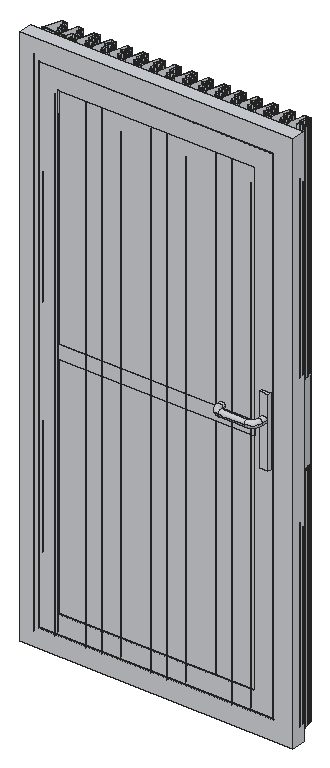
Revit family "NLRS_31_DO_WB_VS50 enkele deur-AV_jazo_jazo", category Doors, host Wall, Revit 2020 (continued)
Definition of nested family "NLRS_31_GM_UN_VS50 start schoep-AV"
  Automatic sketch dimensions
    Extrusion 1 sketch curve to Extrusion 1 sketch curve = 0.311 mm  (x2)
    Extrusion 1 sketch curve to Extrusion 1 sketch curve = 0.597 mm  (x4)
    Extrusion 1 sketch curve to Extrusion 1 sketch curve = 0.028 mm  (x4)
    Extrusion 1 sketch curve to Extrusion 1 sketch curve = 7.94 mm  (x3)
    Extrusion 1 sketch curve to Extrusion 1 sketch curve = 0.259 mm  (x6)
    Extrusion 1 sketch curve to Extrusion 1 sketch curve = 0.906 mm  (x2)
    Extrusion 1 sketch curve to Extrusion 1 sketch curve = 8.537 mm
    Extrusion 1 sketch curve to Extrusion 1 sketch curve = 1.495 mm
    Extrusion 1 sketch curve to Extrusion 1 sketch curve = 0.432 mm  (x2)
    Extrusion 1 sketch curve to Extrusion 1 sketch curve = 0.52 mm  (x5)
    Extrusion 1 sketch curve to Extrusion 1 sketch curve = 0.512 mm  (x4)
    Extrusion 1 sketch curve to Extrusion 1 sketch curve = 2.059 mm  (x4)
    Extrusion 1 sketch curve to Extrusion 1 sketch curve = 1.151 mm  (x5)
    Extrusion 1 sketch curve to Extrusion 1 sketch curve = 7.648 mm
    Extrusion 1 sketch curve to Extrusion 1 sketch curve = 1.853 mm
    Extrusion 1 sketch curve to Extrusion 1 sketch curve = 0.384 mm  (x4)
    Extrusion 1 sketch curve to Extrusion 1 sketch curve = 1.049 mm
    Extrusion 1 sketch curve to Extrusion 1 sketch curve = 0.165 mm  (x3)
    Extrusion 1 sketch curve to Extrusion 1 sketch curve = 6.946 mm
    Extrusion 1 sketch curve to Extrusion 1 sketch curve = 1.128 mm
    Extrusion 1 sketch curve to Extrusion 1 sketch curve = 4.576 mm
    Extrusion 1 sketch curve to Extrusion 1 sketch curve = 0.103 mm
    Extrusion 1 sketch curve to Extrusion 1 sketch curve = 1.709 mm
    Extrusion 1 sketch curve to Extrusion 1 sketch curve = 0.385 mm  (x2)
    Extrusion 1 sketch curve to Extrusion 1 sketch curve = 21.809 mm
    Extrusion 1 sketch curve to Extrusion 1 sketch curve = 1.554 mm
    Extrusion 1 sketch curve to Extrusion 1 sketch curve = 5.653 mm
    Extrusion 1 sketch curve to Extrusion 1 sketch curve = 7.842 mm
    Extrusion 1 sketch curve to Extrusion 1 sketch curve = 3.2 mm
    Extrusion 1 sketch curve to Extrusion 1 sketch curve = 1.31 mm
    Extrusion 1 sketch curve to Extrusion 1 sketch curve = 0.551 mm
    Extrusion 1 sketch curve to Extrusion 1 sketch curve = 1.106 mm
    Extrusion 1 sketch curve to Extrusion 1 sketch curve = 2.043 mm
    Extrusion 1 sketch curve to Extrusion 1 sketch curve = 2.182 mm  (x2)
    Extrusion 1 sketch curve to Extrusion 1 sketch curve = 3.488 mm
    Extrusion 1 sketch curve to Extrusion 1 sketch curve = 0.168 mm
    Extrusion 1 sketch curve to Extrusion 1 sketch curve = 1.322 mm  (x4)
    Extrusion 1 sketch curve to Extrusion 1 sketch curve = 0.167 mm  (x4)
    Extrusion 1 sketch curve to Extrusion 1 sketch curve = 1.76 mm
    Extrusion 1 sketch curve to Extrusion 1 sketch curve = 7.483 mm
    Extrusion 1 sketch curve to Extrusion 1 sketch curve = 2.181 mm  (x2)
    Extrusion 1 sketch curve to Extrusion 1 sketch curve = 0.292 mm
    Extrusion 1 sketch curve to Extrusion 1 sketch curve = 7.531 mm  (x2)
    Extrusion 1 sketch curve to Extrusion 1 sketch curve = 0.078 mm
    Extrusion 1 sketch curve to Extrusion 1 sketch curve = 0.233 mm  (x2)
    Extrusion 1 sketch curve to Extrusion 1 sketch curve = 17.677 mm  (x2)
    Extrusion 1 sketch curve to Extrusion 1 sketch curve = 40.654 mm
    Extrusion 1 sketch curve to Extrusion 1 sketch curve = 1.738 mm
    Extrusion 1 sketch curve to Extrusion 1 sketch curve = 0.445 mm
    Extrusion 1 sketch curve to Extrusion 1 sketch curve = 0.108 mm
    Extrusion 1 sketch curve to Extrusion 1 sketch curve = 0.261 mm  (x2)
    Extrusion 1 sketch curve to Extrusion 1 sketch curve = 0.001 mm
    Extrusion 1 sketch curve to plane 3 "Center (Left/Right)" = 56.627 mm
Definition of nested family "NLRS_31_GM_UN_VS50 schoep-AV"
  Parameters (values of type "VS50 schoep")
    URL = "www.jazo.com"
    NLRS_C_zichtbaar_01 = yes
    NLRS_C_stelruimte_02 = 15 mm
    NLRS_C_stelruimte_01 = 4 mm  # constant formula
    NLRS_C_materiaal = none
    NLRS_C_hoogte [instance] = 800 mm
    Model = ""
    Manufacturer = "JAZO Zevenaar bv"
    Description = "VS50 schoep"
    Default Elevation = 0 mm
    Assembly Code = "23.30.60.11.17.11"
  Reference planes
    plane 1 "Center (Front/Back)": y = 0
    plane 2 "Bottom": z = 0
    plane 3 "Center (Left/Right)": x = 0
    plane 4 "Top": z = 800
    plane 5 "onderkant schoep": y = -35.75
    plane 6 "scharnier d": y = 35.75
    plane 7 "voorkant kozijn": y = -46.75
    plane 8 "Right": x = 36.938
    plane 9 "Left": x = -36.938
    plane 10 "stelruimte b": z = 796
    plane 11 "stelruimte o": z = 15
    plane 12 "Center (Elevation)": z = 400
  Forms (mm)
    Extrusion 1, solid, material <- "NLRS_C_materiaal", visible <- "NLRS_C_zichtbaar_01"
      sketch origin (-234.655, 192.733, 0) x (0, -1, 0) y (1, 0, 0)
        loop
          line (200.925, 199.864) -> (209.054, 197.685)
          arc (209.054, 197.685) -> (210.156, 198.322) -> (209.52, 199.424) r 0.9
          line (209.52, 199.424) -> (201.983, 201.443) -> (201.983, 217.481) -> (209.52, 219.5)
          arc (209.52, 219.5) -> (210.156, 220.603) -> (209.054, 221.239) r 0.9
          line (209.054, 221.239) -> (194.057, 217.221)
          arc (194.057, 217.221) -> (193.421, 216.118) -> (194.523, 215.482) r 0.9
          line (194.523, 215.482) -> (199.554, 216.83)
          arc (199.554, 216.83) -> (199.988, 216.744) -> (200.183, 216.347) r 0.5
          line (200.183, 216.347) -> (200.183, 200.83)
          arc (200.183, 200.83) -> (200.39, 200.221) -> (200.925, 199.864) r 1
        loop
          line (179.325, 205.632) -> (187.454, 203.454)
          arc (187.454, 203.454) -> (188.556, 204.09) -> (187.92, 205.192) r 0.9
          line (187.92, 205.192) -> (180.383, 207.212) -> (180.383, 223.249) -> (187.92, 225.269)
          arc (187.92, 225.269) -> (188.556, 226.371) -> (187.454, 227.007) r 0.9
          line (187.454, 227.007) -> (172.457, 222.989)
          arc (172.457, 222.989) -> (171.821, 221.887) -> (172.923, 221.25) r 0.9
          line (172.923, 221.25) -> (177.954, 222.598)
          arc (177.954, 222.598) -> (178.388, 222.512) -> (178.583, 222.115) r 0.5
          line (178.583, 222.115) -> (178.583, 206.598)
          arc (178.583, 206.598) -> (178.79, 205.989) -> (179.325, 205.632) r 1
        loop
          line (157.725, 211.439) -> (165.854, 209.261)
          arc (165.854, 209.261) -> (166.956, 209.897) -> (166.32, 210.999) r 0.9
          line (166.32, 210.999) -> (158.783, 213.019) -> (158.783, 220.738) -> (160.783, 220.738)
          arc (160.783, 220.738) -> (161.683, 221.638) -> (160.783, 222.538) r 0.9
          line (160.783, 222.538) -> (158.783, 222.538) -> (158.783, 230.256) -> (221.679, 247.109) -> (221.679, 246.319)
          arc (221.679, 246.319) -> (222.581, 245.623) -> (223.483, 246.319) r 0.933
          line (223.483, 246.319) -> (223.483, 257.823) -> (226.683, 257.823) -> (226.683, 254.623) -> (228.483, 254.623) -> (228.483, 259.623) -> (223.483, 259.623) -> (223.483, 270.627)
          arc (223.483, 270.627) -> (223.092, 271.42) -> (222.225, 271.592) r 1
          line (222.225, 271.592) -> (215.347, 269.75)
          arc (215.347, 269.75) -> (214.71, 268.647) -> (215.813, 268.011) r 0.9
          line (215.813, 268.011) -> (221.054, 269.415)
          arc (221.054, 269.415) -> (221.488, 269.329) -> (221.683, 268.932) r 0.5
          line (221.683, 268.932) -> (221.683, 248.974) -> (157.725, 231.836)
          arc (157.725, 231.836) -> (157.19, 231.479) -> (156.983, 230.87) r 1
          line (156.983, 230.87) -> (156.983, 212.405)
          arc (156.983, 212.405) -> (157.19, 211.796) -> (157.725, 211.439) r 1
      from 15 to 796
  Dimensions and locks
    equal spacing: plane 5 "onderkant schoep", plane 1 "Center (Front/Back)", plane 6 "scharnier d"
    locked: plane 5 "onderkant schoep" to plane 6 "scharnier d" at 71.5
    locked: plane 7 "voorkant kozijn" to plane 5 "onderkant schoep" at 11
    equal spacing: plane 9 "Left", plane 3 "Center (Left/Right)", plane 8 "Right"
    locked: plane 9 "Left" to plane 8 "Right" at 73.876
    "NLRS_C_stelruimte_02": plane 11 "stelruimte o" to plane 2 "Bottom"
    "NLRS_C_stelruimte_01": plane 4 "Top" to plane 10 "stelruimte b"
    equal spacing: plane 4 "Top", plane 12 "Center (Elevation)", plane 2 "Bottom"
    "NLRS_C_hoogte": plane 4 "Top" to plane 2 "Bottom"
    aligned and locked: level to plane 2 "Bottom"
    aligned and locked: plane 10 "stelruimte b" to Extrusion 1
    aligned and locked: Extrusion 1 to plane 11 "stelruimte o"
  Automatic sketch dimensions
    Extrusion 1 sketch curve to plane 6 "scharnier d" = 0 mm
    plane 5 "onderkant schoep" to Extrusion 1 sketch curve = 0 mm
    Extrusion 1 sketch curve to plane 6 "scharnier d" = 0.741 mm  (x2)
    Extrusion 1 sketch curve to Extrusion 1 sketch curve = 1 mm
    Extrusion 1 sketch curve to Extrusion 1 sketch curve = 0.259 mm  (x4)
    Extrusion 1 sketch curve to Extrusion 1 sketch curve = 0.8 mm  (x2)
    Extrusion 1 sketch curve to Extrusion 1 sketch curve = 2 mm
    Extrusion 1 sketch curve to Extrusion 1 sketch curve = 7.071 mm  (x3)
    Extrusion 1 sketch curve to Extrusion 1 sketch curve = 0.233 mm  (x16)
    Extrusion 1 sketch curve to Extrusion 1 sketch curve = 11.674 mm
    Extrusion 1 sketch curve to Extrusion 1 sketch curve = 5.031 mm  (x2)
    Extrusion 1 sketch curve to Extrusion 1 sketch curve = 0.129 mm  (x3)
    Extrusion 1 sketch curve to Extrusion 1 sketch curve = 0.5 mm  (x3)
    Extrusion 1 sketch curve to Extrusion 1 sketch curve = 0.741 mm  (x2)
    Extrusion 1 sketch curve to Extrusion 1 sketch curve = 1.8 mm  (x3)
    Extrusion 1 sketch curve to plane 1 "Center (Front/Back)" = 5.279 mm  (x2)
    plane 1 "Center (Front/Back)" to Extrusion 1 sketch curve = 1.324 mm
    Extrusion 1 sketch curve to plane 5 "onderkant schoep" = 13.137 mm
    Extrusion 1 sketch curve to Extrusion 1 sketch curve = 5.241 mm
    Extrusion 1 sketch curve to plane 5 "onderkant schoep" = 6.805 mm
    Extrusion 1 sketch curve to Extrusion 1 sketch curve = 1.171 mm
    Extrusion 1 sketch curve to Extrusion 1 sketch curve = 0.902 mm  (x2)
    Extrusion 1 sketch curve to plane 5 "onderkant schoep" = 5 mm
    Extrusion 1 sketch curve to plane 5 "onderkant schoep" = 1.8 mm
    Extrusion 1 sketch curve to plane 3 "Center (Left/Right)" = 36.969 mm
    Extrusion 1 sketch curve to Extrusion 1 sketch curve = 0.869 mm  (x8)
    Extrusion 1 sketch curve to Extrusion 1 sketch curve = 2.178 mm  (x3)
    Extrusion 1 sketch curve to Extrusion 1 sketch curve = 0.614 mm  (x4)
    Extrusion 1 sketch curve to Extrusion 1 sketch curve = 2.624 mm
    Extrusion 1 sketch curve to Extrusion 1 sketch curve = 2.663 mm
    Extrusion 1 sketch curve to Extrusion 1 sketch curve = 10.29 mm
    Extrusion 1 sketch curve to Extrusion 1 sketch curve = 0.865 mm  (x2)
    Extrusion 1 sketch curve to Extrusion 1 sketch curve = 1.134 mm  (x2)
    Extrusion 1 sketch curve to Extrusion 1 sketch curve = 2.019 mm  (x2)
    Extrusion 1 sketch curve to Extrusion 1 sketch curve = 7.719 mm
    Extrusion 1 sketch curve to Extrusion 1 sketch curve = 0.513 mm
    Extrusion 1 sketch curve to Extrusion 1 sketch curve = 0.9 mm
    Extrusion 1 sketch curve to plane 3 "Center (Left/Right)" = 4.398 mm
    plane 3 "Center (Left/Right)" to Extrusion 1 sketch curve = 11.664 mm
    Extrusion 1 sketch curve to Extrusion 1 sketch curve = 0.001 mm
    Extrusion 1 sketch curve to Extrusion 1 sketch curve = 0.79 mm
    Extrusion 1 sketch curve to Extrusion 1 sketch curve = 1.865 mm
    Extrusion 1 sketch curve to Extrusion 1 sketch curve = 5.649 mm
    Extrusion 1 sketch curve to Extrusion 1 sketch curve = 3.2 mm
    Extrusion 1 sketch curve to Extrusion 1 sketch curve = 8.388 mm
    Extrusion 1 sketch curve to Extrusion 1 sketch curve = 0.921 mm
    Extrusion 1 sketch curve to Extrusion 1 sketch curve = 1.694 mm
Definition of nested family "NLRS_31_GM_UN_beslagbak VS50-AV"
  Parameters (values of type "beslagbak VS50")
    URL = "www.jazo.com"
    NLRS_C_diepte_01 = 50 mm
    NLRS_C_afstand = 70 mm  # constant formula
    Model = ""
    Manufacturer = "JAZO Zevenaar bv"
    JAZO_C_opbouwrooster VS50 = yes
    JAZO_C_materiaal schoep = none
    JAZO_C_materiaal beslag = none
    Description = "beslagbak VS50"
    Default Elevation = 0 mm
    Assembly Code = "23.30.40.31"
  Reference planes
    plane 1 "Center (Front/Back)": y = 0
    plane 2 "Bottom": z = 0
    plane 3 "Center (Left/Right)": x = 0
    plane 4 "Tussen": x = -179.999
    plane 5 "Right": x = 95
    plane 6 "Left": x = -240
    plane 7 "center hs27r": z = 185
    plane 8 "knop-kruk": x = 25
    plane 9 "voorkant kozijn": y = -11
  Forms (mm)
    Extrusion 1, solid, material <- "JAZO_C_materiaal schoep", visible <- "JAZO_C_opbouwrooster VS50"
      sketch origin (0.008, 28.012, 0) x (1, 0, 0) y (0, 1, 0)
        loop
          line (64.172, 41.688) -> (79.691, 41.688) -> (93.285, -9.048)
          arc (93.285, -9.048) -> (94.388, -9.685) -> (95.024, -8.582) r 0.9
          line (95.024, -8.582) -> (81.27, 42.747)
          arc (81.27, 42.747) -> (80.913, 43.282) -> (80.304, 43.488) r 1
          line (80.304, 43.488) -> (61.839, 43.488)
          arc (61.839, 43.488) -> (61.23, 43.282) -> (60.873, 42.747) r 1
          line (60.873, 42.747) -> (58.399, 33.515) -> (24.244, 33.515) -> (21.77, 42.747)
          arc (21.77, 42.747) -> (21.413, 43.282) -> (20.804, 43.488) r 1
          line (20.804, 43.488) -> (2.339, 43.488)
          arc (2.339, 43.488) -> (1.73, 43.282) -> (1.373, 42.747) r 1
          line (1.373, 42.747) -> (-12.684, -9.715) -> (-38.383, -9.715) -> (-38.383, -28.012) -> (45.496, -28.012) -> (47.319, -21.207) -> (64.172, 41.688)
      from 295 to 293
    Extrusion 2, solid, material <- "JAZO_C_materiaal schoep", visible <- "JAZO_C_opbouwrooster VS50"
      sketch origin (0.008, 28.012, 0) x (1, 0, 0) y (0, 1, 0)
        loop
          line (64.172, 41.688) -> (79.691, 41.688) -> (93.285, -9.048)
          arc (93.285, -9.048) -> (94.388, -9.685) -> (95.024, -8.582) r 0.9
          line (95.024, -8.582) -> (81.27, 42.747)
          arc (81.27, 42.747) -> (80.913, 43.282) -> (80.304, 43.488) r 1
          line (80.304, 43.488) -> (61.839, 43.488)
          arc (61.839, 43.488) -> (61.23, 43.282) -> (60.873, 42.747) r 1
          line (60.873, 42.747) -> (58.399, 33.515) -> (24.244, 33.515) -> (21.77, 42.747)
          arc (21.77, 42.747) -> (21.413, 43.282) -> (20.804, 43.488) r 1
          line (20.804, 43.488) -> (2.339, 43.488)
          arc (2.339, 43.488) -> (1.73, 43.282) -> (1.373, 42.747) r 1
          line (1.373, 42.747) -> (-12.684, -9.715) -> (-38.383, -9.715) -> (-38.383, -28.012) -> (45.496, -28.012) -> (47.319, -21.207) -> (64.172, 41.688)
      from 2 to 0
    Extrusion 3, solid, material <- "JAZO_C_materiaal schoep", visible <- "JAZO_C_opbouwrooster VS50"
      sketch origin (2.136, 27.023, 0) x (1, 0, 0) y (0, 1, 0)
        loop
          line (78.176, 44.477) -> (59.711, 44.477)
          arc (59.711, 44.477) -> (59.102, 44.27) -> (58.745, 43.735) r 1
          line (58.745, 43.735) -> (40.857, -23.023) -> (-36.545, -23.023) -> (-36.545, -8.727) -> (-40.545, -8.727) -> (-40.545, -27.023) -> (43.368, -27.023) -> (62.044, 42.677) -> (77.562, 42.677) -> (91.157, -8.06)
          arc (91.157, -8.06) -> (92.259, -8.696) -> (92.896, -7.594) r 0.9
          line (92.896, -7.594) -> (79.142, 43.735)
          arc (79.142, 43.735) -> (78.785, 44.27) -> (78.176, 44.477) r 1
      from 293 to 2
  Cuts and joins
    joined: Extrusion 1, Extrusion 2, Extrusion 3
  Dimensions and locks
    plane 4 "Tussen" to plane 3 "Center (Left/Right)" = 179.999 mm
    plane 3 "Center (Left/Right)" to plane 5 "Right" = 95 mm
    plane 4 "Tussen" to plane 5 "Right" = 274.999 mm
    plane 6 "Left" to plane 4 "Tussen" = 60.001 mm
    "NLRS_C_afstand": plane 5 "Right" to plane 8 "knop-kruk"
    locked: plane 9 "voorkant kozijn" to plane 1 "Center (Front/Back)" at 11
    locked: Extrusion 1 to plane 7 "center hs27r" at 108
    locked: Extrusion 1 to plane 7 "center hs27r" at 110
    locked: Extrusion 2 to level at 2
    locked: Extrusion 3 to plane 7 "center hs27r" at 108
    aligned and locked: level to plane 2 "Bottom"
    aligned and locked: plane 7 "center hs27r" to nested 1
    aligned and locked: plane 8 "knop-kruk" to nested 1
    aligned and locked: Extrusion 2 to plane 2 "Bottom"
  Automatic sketch dimensions
    Extrusion 3 sketch curve to plane 1 "Center (Front/Back)" = 0 mm
    Extrusion 3 sketch curve to plane 3 "Center (Left/Right)" = 38.41 mm
    Extrusion 3 sketch curve to Extrusion 3 sketch curve = 4 mm
    Extrusion 3 sketch curve to plane 1 "Center (Front/Back)" = 4 mm
    plane 5 "Right" to Extrusion 3 sketch curve = 52.007 mm
    Extrusion 3 sketch curve to Extrusion 3 sketch curve = 2.511 mm
    plane 5 "Right" to Extrusion 3 sketch curve = 34.119 mm
    Extrusion 3 sketch curve to Extrusion 3 sketch curve = 2.333 mm
    plane 5 "Right" to Extrusion 3 sketch curve = 15.302 mm
    Extrusion 3 sketch curve to Extrusion 3 sketch curve = 14.296 mm
    Extrusion 3 sketch curve to Extrusion 3 sketch curve = 0.8 mm
    Extrusion 3 sketch curve to Extrusion 3 sketch curve = 0.259 mm  (x2)
    plane 1 "Center (Front/Back)" to Extrusion 2 sketch curve = 0 mm
    Extrusion 2 sketch curve to plane 3 "Center (Left/Right)" = 38.376 mm
    Extrusion 2 sketch curve to plane 3 "Center (Left/Right)" = 12.677 mm
    plane 3 "Center (Left/Right)" to Extrusion 2 sketch curve = 1.381 mm
    Extrusion 2 sketch curve to Extrusion 2 sketch curve = 0.966 mm  (x4)
    Extrusion 2 sketch curve to plane 8 "knop-kruk" = 4.188 mm
    Extrusion 2 sketch curve to plane 8 "knop-kruk" = 0.748 mm
    plane 8 "knop-kruk" to Extrusion 2 sketch curve = 20.503 mm
    Extrusion 2 sketch curve to plane 1 "Center (Front/Back)" = 6.805 mm
    Extrusion 2 sketch curve to Extrusion 2 sketch curve = 1.823 mm
    plane 8 "knop-kruk" to Extrusion 2 sketch curve = 33.407 mm
    Extrusion 2 sketch curve to Extrusion 2 sketch curve = 2.474 mm
    Extrusion 2 sketch curve to Extrusion 2 sketch curve = 2.333 mm
    plane 5 "Right" to Extrusion 2 sketch curve = 15.302 mm
    Extrusion 2 sketch curve to Extrusion 2 sketch curve = 0.614 mm
    plane 5 "Right" to Extrusion 2 sketch curve = 1.707 mm
    plane 5 "Right" to Extrusion 2 sketch curve = 0.838 mm
    Extrusion 2 sketch curve to plane 5 "Right" = 0.032 mm
    Extrusion 2 sketch curve to plane 1 "Center (Front/Back)" = 18.963 mm
    Extrusion 2 sketch curve to Extrusion 2 sketch curve = 0.233 mm
    Extrusion 2 sketch curve to plane 1 "Center (Front/Back)" = 18.296 mm
    Extrusion 2 sketch curve to Extrusion 2 sketch curve = 43.231 mm
    Extrusion 2 sketch curve to Extrusion 2 sketch curve = 8.173 mm
    Extrusion 2 sketch curve to Extrusion 2 sketch curve = 52.204 mm
    Extrusion 2 sketch curve to Extrusion 2 sketch curve = 8.973 mm
    Extrusion 2 sketch curve to Extrusion 2 sketch curve = 0.8 mm  (x2)
    Extrusion 2 sketch curve to Extrusion 2 sketch curve = 0.259 mm  (x2)
    Extrusion 3 sketch curve to Extrusion 3 sketch curve = 0.966 mm  (x2)
    Extrusion 3 sketch curve to Extrusion 3 sketch curve = 65.7 mm
    Extrusion 3 sketch curve to Extrusion 3 sketch curve = 0.614 mm
    plane 5 "Right" to Extrusion 3 sketch curve = 1.707 mm
    Extrusion 3 sketch curve to plane 5 "Right" = 0.032 mm
    Extrusion 3 sketch curve to plane 1 "Center (Front/Back)" = 18.963 mm
    Extrusion 3 sketch curve to Extrusion 3 sketch curve = 0.466 mm
    Extrusion 3 sketch curve to Extrusion 3 sketch curve = 0.741 mm
    plane 5 "Right" to Extrusion 3 sketch curve = 0.838 mm
    plane 1 "Center (Front/Back)" to Extrusion 1 sketch curve = 0 mm
    Extrusion 1 sketch curve to plane 3 "Center (Left/Right)" = 12.677 mm
    plane 3 "Center (Left/Right)" to Extrusion 1 sketch curve = 1.381 mm
    Extrusion 1 sketch curve to Extrusion 1 sketch curve = 0.966 mm  (x4)
    Extrusion 1 sketch curve to plane 8 "knop-kruk" = 4.188 mm
    Extrusion 1 sketch curve to plane 8 "knop-kruk" = 0.748 mm
    plane 8 "knop-kruk" to Extrusion 1 sketch curve = 20.503 mm
    Extrusion 1 sketch curve to plane 1 "Center (Front/Back)" = 6.805 mm
    Extrusion 1 sketch curve to Extrusion 1 sketch curve = 1.823 mm
    plane 8 "knop-kruk" to Extrusion 1 sketch curve = 33.407 mm
    Extrusion 1 sketch curve to Extrusion 1 sketch curve = 2.474 mm
    Extrusion 1 sketch curve to Extrusion 1 sketch curve = 2.333 mm
    plane 5 "Right" to Extrusion 1 sketch curve = 15.302 mm
    Extrusion 1 sketch curve to Extrusion 1 sketch curve = 0.614 mm
    plane 5 "Right" to Extrusion 1 sketch curve = 1.707 mm
    plane 5 "Right" to Extrusion 1 sketch curve = 0.838 mm
    Extrusion 1 sketch curve to plane 5 "Right" = 0.032 mm
    Extrusion 1 sketch curve to plane 1 "Center (Front/Back)" = 18.963 mm
    Extrusion 1 sketch curve to Extrusion 1 sketch curve = 0.233 mm
    Extrusion 1 sketch curve to Extrusion 1 sketch curve = 43.231 mm
    Extrusion 1 sketch curve to Extrusion 1 sketch curve = 8.173 mm
    Extrusion 1 sketch curve to Extrusion 1 sketch curve = 0.8 mm  (x2)
    Extrusion 1 sketch curve to Extrusion 1 sketch curve = 8.973 mm
    Extrusion 1 sketch curve to Extrusion 1 sketch curve = 52.204 mm
    Extrusion 1 sketch curve to Extrusion 1 sketch curve = 0.259 mm  (x2)
    Extrusion 1 sketch curve to Extrusion 1 sketch curve = 25.699 mm
    Extrusion 1 sketch curve to plane 1 "Center (Front/Back)" = 18.296 mm
  Nested families
    nested 1: "NLRS_31_GM_UN_beslag opbouwrooster-AV" at (25, -11, 22), visible <- "JAZO_C_opbouwrooster VS50", type "beslag opbouwrooster"
  Definition of nested family "NLRS_31_GM_UN_beslag opbouwrooster-AV"
    Parameters (values of type "beslag opbouwrooster")
      URL = "www.jazo.com"
      NLRS_C_materiaal = none
      NLRS_C_diepte_01 = 50 mm
      Model = ""
      Manufacturer = "Jazo Zevenaar bv"
      Description = "Beslag opbouwrooster"
      Default Elevation = 0 mm
      Assembly Code = "23.30.40.31"
    Reference planes
      plane 1 "Center (Front/Back)": y = 0
      plane 2 "Bottom": z = 0
      plane 3 "Center (Left/Right)": x = 0
      plane 4 "kruk": z = 163
      plane 5 "cilinder": z = 71.5
      plane 6 "achterkant kozijn": y = -50
      plane 7 "start beslag": y = 15
    Forms (mm)
      Extrusion 1, solid, material <- "NLRS_C_materiaal"
        sketch origin (0, 37, 0) x (1, 0, 0) y (0, 1, 0)
          loop
            line (-16, -10) -> (-16, -22) -> (16, -22) -> (16, -10) -> (-16, -10)
        from 0 to 251
      Extrusion 2, solid, material <- "NLRS_C_materiaal"
        sketch origin (0, 0, 0) x (1, 0, 0) y (0, 0, -1)
          loop
            circle (0, -163) r 11
        from 27 to 57
      Extrusion 3, solid, material <- "NLRS_C_materiaal"
        sketch origin (0, 0, 0) x (1, 0, 0) y (0, 0, -1)
          loop
            circle (0, -163) r 25
        from 57 to 73
      Sweep 4, solid, material <- "NLRS_C_materiaal"
        path origin (0, -4, 0) x (1, 0, 0) y (0, 1, 0)
          loop
            line (0, -58) -> (0, -80)
            arc (0, -80) -> (-7.249, -97.5) -> (-24.749, -104.749) r 24.749
            line (-24.749, -104.749) -> (-120.749, -104.749)
            arc (-120.749, -104.749) -> (-138.249, -97.5) -> (-145.497, -80) r 24.749
            line (-145.497, -80) -> (-145.497, -69)
        profile origin (0, -73, 0) x (1, 0, 0) y (0, 0, 1)
          loop
            circle (0, 163) r 11
      Extrusion 5, solid, material <- "NLRS_C_materiaal"
        sketch origin (0, -37, 0) x (1, 0, 0) y (0, 1, 0)
          loop
            line (-16, -25) -> (16, -25) -> (16, -13) -> (-16, -13) -> (-16, -25)
        from 0 to 251
    Dimensions and locks
      locked: plane 4 "kruk" to plane 2 "Bottom" at 163
      locked: plane 5 "cilinder" to plane 2 "Bottom" at 71.5
      locked: plane 7 "start beslag" to Extrusion 2 at 12
      locked: plane 7 "start beslag" to Extrusion 3 at 42
      locked: Extrusion 3 to plane 7 "start beslag" at 58
      locked: plane 1 "Center (Front/Back)" to plane 7 "start beslag" at 15
      "NLRS_C_diepte_01": plane 6 "achterkant kozijn" to plane 1 "Center (Front/Back)"
      aligned and locked: level to plane 2 "Bottom"
      aligned and locked: Extrusion 1 to plane 7 "start beslag"
      aligned and locked: Extrusion 2 to Extrusion 3
      aligned and locked: Extrusion 2 to Extrusion 1
    Automatic sketch dimensions
      Extrusion 1 sketch curve to plane 7 "start beslag" = 0 mm
      Extrusion 1 sketch curve to plane 3 "Center (Left/Right)" = 16 mm
      plane 3 "Center (Left/Right)" to Extrusion 1 sketch curve = 16 mm
      plane 7 "start beslag" to Extrusion 1 sketch curve = 12 mm
      Extrusion 2 sketch curve to plane 3 "Center (Left/Right)" = 0 mm
      Extrusion 2 sketch curve to plane 4 "kruk" = 0 mm
      Extrusion 3 sketch curve to plane 3 "Center (Left/Right)" = 0 mm
      Extrusion 3 sketch curve to plane 4 "kruk" = 0 mm
      Sweep 4 sketch curve to plane 3 "Center (Left/Right)" = 0 mm
      Sweep 4 sketch curve to plane 3 "Center (Left/Right)" = 24.749 mm
      Sweep 4 sketch curve to plane 6 "achterkant kozijn" = 58.749 mm
      Sweep 4 sketch curve to Sweep 4 sketch curve = 96 mm
      Sweep 4 sketch curve to Sweep 4 sketch curve = 24.749 mm
      Sweep 4 sketch curve to Sweep 4 sketch curve = 11 mm
      Sweep 4 sketch curve to plane 6 "achterkant kozijn" = 12 mm
      profile plane to Sweep 4 sketch curve = 0 mm
      profile plane to Sweep 4 sketch curve = 163 mm
      Extrusion 5 sketch curve to plane 6 "achterkant kozijn" = 0 mm
      Extrusion 5 sketch curve to plane 3 "Center (Left/Right)" = 16 mm
      plane 3 "Center (Left/Right)" to Extrusion 5 sketch curve = 16 mm
      Extrusion 5 sketch curve to Extrusion 5 sketch curve = 12 mm
      radius of Extrusion 2 sketch curve = 11 mm
      radius of Extrusion 3 sketch curve = 25 mm
      radius of Sweep 4 sketch curve = 11 mm
Definition of nested family "NLRS_31_GM_UN_aluminium kozijn-AV"
  Parameters (values of type "aluminium kozijn")
    URL = "www.jazo.com"
    NLRS_C_zichtbaar_01 = no
    NLRS_C_materiaal = none
    NLRS_C_hoogte = 2000 mm
    NLRS_C_diepte = 50 mm
    NLRS_C_breedte = 1000 mm
    Model = "Aluminium kozijn"
    Manufacturer = "JAZO Zevenaar bv"
    Description = "Aluminium kozijn"
    Default Elevation = 0 mm
    Assembly Code = "23.30.10.11.11"
  Reference planes
    plane 1 "Center (Front/Back)": y = 0
    plane 2 "Bottom": z = 0
    plane 3 "Center (Left/Right)": x = 0
    plane 4 "Left": x = -500
    plane 5 "Right": x = 500
    plane 6 "Top": z = 2000
    plane 7 "voorkant kozijn": y = 25
    plane 8 "offset": y = 0
    plane 9 "achterkant kozijn": y = -25
    plane 10 "offset links 1": x = -480
    plane 11 "offset boven": z = 1980
    plane 12 "offset rechts 1": x = 480
    plane 13 "offset links 2": x = -448
    plane 14 "offset rechts 2": x = 448
  Forms (mm)
    Sweep 1, solid, material <- "NLRS_C_materiaal", visible <- "NLRS_C_zichtbaar_01"
      path origin (0, 0, 0) x (1, 0, 0) y (0, 0, 1)
        loop
          line (-500, 0) -> (500, 0) -> (500, 2000) -> (-500, 2000) -> (-500, 0)
      profile origin (0, 0, 0) x (0, 0, 1) y (0, -1, 0)
        loop
          line (0, 30) -> (0, -30) -> (20, -30) -> (20, 4.5) -> (52, 4.5) -> (52, 30) -> (0, 30)
    Sweep 2, solid, material <- "NLRS_C_materiaal", visible <- "NLRS_C_zichtbaar_01"
      path origin (0, 0, 0) x (1, 0, 0) y (0, 0, 1)
        loop
          line (-480, 1980) -> (480, 1980)
      profile origin (0, 0, 1980) x (0, 0, 1) y (0, -1, 0)
        loop
          line (0, 4.5) -> (-2, 4.5) -> (-2, -30) -> (-4.657, -39.654)
          arc (-4.657, -39.654) -> (-5.372, -40.723) -> (-6.589, -41.137) r 2
          line (-6.589, -41.137) -> (-13.04, -41.137) -> (-13.04, -43.137) -> (-6.589, -43.137)
          arc (-6.589, -43.137) -> (-4.154, -42.31) -> (-2.726, -40.172) r 4
          line (-2.726, -40.172) -> (0, -30) -> (0, 4.5)
  Lines and regions (mm)
    symbolic lines, visible <- "NLRS_C_zichtbaar_01"
      curve 1: line (-448, -25, 0) -> (448, -25, 0)
      curve 2: line (-480, 25, 0) -> (480, 25, 0)
      curve 3: line (0, 25, 1980) -> (0, 25, 20)
      curve 4: line (0, -25, 52) -> (0, -25, 1948)
      curve 5: line (-448, -4.5, 0) -> (448, -4.5, 0)
  Dimensions and locks
    "NLRS_C_hoogte": plane 6 "Top" to plane 2 "Bottom"
    "NLRS_C_breedte": plane 4 "Left" to plane 5 "Right"
    equal spacing: plane 4 "Left", plane 3 "Center (Left/Right)", plane 5 "Right"
    "NLRS_C_diepte": plane 7 "voorkant kozijn" to plane 9 "achterkant kozijn"
    equal spacing: plane 7 "voorkant kozijn", plane 1 "Center (Front/Back)", plane 9 "achterkant kozijn"
    locked: plane 4 "Left" to plane 10 "offset links 1" at 20
    locked: plane 6 "Top" to plane 11 "offset boven" at 20
    plane 12 "offset rechts 1" to plane 5 "Right" = 20 mm
    locked: plane 10 "offset links 1" to plane 13 "offset links 2" at 32
    locked: plane 14 "offset rechts 2" to plane 12 "offset rechts 1" at 32
    aligned and locked: level to plane 2 "Bottom"
    aligned and locked: plane 9 "achterkant kozijn" to nested 3
    aligned and locked: nested 4 to plane 9 "achterkant kozijn"
    aligned and locked: nested 1 to plane 9 "achterkant kozijn"
    aligned and locked: plane 9 "achterkant kozijn" to nested 2
    aligned and locked: Sweep 1 sketch curve to plane 6 "Top"
    aligned and locked: plane 5 "Right" to Sweep 1 sketch curve
    aligned and locked: Sweep 1 sketch curve to plane 4 "Left"
    aligned and locked: level to Sweep 1 sketch curve
    aligned and locked: plane 5 "Right" to nested 2
    aligned and locked: plane 4 "Left" to nested 1
    aligned and locked: plane 6 "Top" to nested 3
    aligned and locked: plane 2 "Bottom" to nested 4
    aligned and locked: Sweep 2 sketch curve to plane 11 "offset boven"
    aligned and locked: plane 12 "offset rechts 1" to Sweep 2 sketch curve
    aligned and locked: plane 10 "offset links 1" to Sweep 2 sketch curve
    aligned and locked: curve 1 to plane 9 "achterkant kozijn"
    aligned and locked: curve 2 to plane 7 "voorkant kozijn"
    aligned and locked: plane 11 "offset boven" to Sweep 2
    aligned and locked: plane 7 "voorkant kozijn" to curve 3
    aligned and locked: curve 4 to plane 9 "achterkant kozijn"
  Automatic sketch dimensions
    Sweep 1 sketch curve to profile plane = 0 mm
    plane 1 "Center (Front/Back)" to Sweep 1 sketch curve = 4.5 mm
    Sweep 1 sketch curve to Sweep 1 sketch curve = 20 mm
    Sweep 1 sketch curve to Sweep 1 sketch curve = 32 mm
    Sweep 1 sketch curve to plane 1 "Center (Front/Back)" = 30 mm
    plane 1 "Center (Front/Back)" to Sweep 1 sketch curve = 30 mm
    Sweep 2 sketch curve to Sweep 2 sketch curve = 0 mm  (x3)
    profile plane to Sweep 2 sketch curve = 0 mm
    profile plane to Sweep 2 sketch curve = 2 mm
    profile plane to Sweep 2 sketch curve = 2.726 mm
    Sweep 2 sketch curve to Sweep 2 sketch curve = 1.932 mm  (x2)
    Sweep 2 sketch curve to Sweep 2 sketch curve = 6.451 mm
    Sweep 2 sketch curve to plane 1 "Center (Front/Back)" = 43.137 mm
    Sweep 2 sketch curve to Sweep 2 sketch curve = 2 mm
    Sweep 2 sketch curve to Sweep 2 sketch curve = 0.965 mm
    Sweep 2 sketch curve to Sweep 2 sketch curve = 10.172 mm
    plane 1 "Center (Front/Back)" to Sweep 2 sketch curve = 4.5 mm
    level to curve 3 = 20 mm
    level to curve 4 = 52 mm
    curve 4 to plane 11 "offset boven" = 32 mm
    curve 3 to plane 11 "offset boven" = 0 mm
    curve 2 to plane 10 "offset links 1" = 0 mm
    curve 5 to plane 13 "offset links 2" = 0 mm
    curve 1 to plane 13 "offset links 2" = 0 mm
    curve 5 to plane 14 "offset rechts 2" = 0 mm
    curve 1 to plane 14 "offset rechts 2" = 0 mm
    curve 2 to plane 12 "offset rechts 1" = 0 mm
    plane 1 "Center (Front/Back)" to curve 5 = 4.5 mm
  Nested families
    nested 1: "NLRS_31_DI_UN_alu kozijn detail" at (-500, 35, 0), visible <- "NLRS_C_zichtbaar_01", type "alu kozijn detail"
    nested 2: "NLRS_31_DI_UN_alu kozijn detail" at (500, 35, 0) x (-1, 0, 0) z (0, 0, 1), visible <- "NLRS_C_zichtbaar_01", type "alu kozijn detail"
    nested 3: "NLRS_31_DI_UN_alu kozijn detail" at (0, 35, 2000) x (0, 0, -1) z (1, 0, 0), visible <- "NLRS_C_zichtbaar_01", type "alu kozijn detail"
    nested 4: "NLRS_31_DI_UN_alu kozijn detail" at (0, 35, 0) x (0, 0, 1) z (1, 0, 0), visible <- "NLRS_C_zichtbaar_01", type "alu kozijn detail"
  Definition of nested family "NLRS_31_DI_UN_alu kozijn detail"
    Parameters (values of type "alu kozijn detail")
      URL = "www.jazo.com"
      Manufacturer = "Jazo Zevenaar BV"
      Description = "Aluminium kozijn detail"
      Assembly Code = "23.30.10.11.11"
    Reference planes
      plane 1 "Center (Front/Back)": y = 0
      plane 2: z = 0
      plane 3 "Center (Left/Right)": x = 0
    Lines and regions (mm)
      detail lines, in view "Ref. Level"
        curve 1: line (16.3, 18, 0) -> (16.3, 30, 0)
        curve 2: line (16.3, 30, 0) -> (18, 31.7, 0)
        curve 3: line (18, 31.7, 0) -> (18, 35.5, 0)
        curve 4: arc (18, 35.5, 0) -> (18.293, 36.207, 0) -> (19, 36.5, 0) r 1
        curve 5: line (19, 36.5, 0) -> (39.6, 36.5, 0)
        curve 6: line (39.6, 36.5, 0) -> (39.6, 38.3, 0)
        curve 7: arc (39.6, 38.3, 0) -> (39.893, 39.007, 0) -> (40.6, 39.3, 0) r 1
        curve 8: line (40.6, 39.3, 0) -> (50, 39.3, 0)
        curve 9: line (50, 39.3, 0) -> (50, 54.5, 0)
        curve 10: line (50, 54.5, 0) -> (48, 54.5, 0)
        curve 11: line (48, 54.5, 0) -> (48, 56, 0)
        curve 12: line (48, 56, 0) -> (50, 56, 0)
        curve 13: line (50, 56, 0) -> (50, 58, 0)
        curve 14: line (50, 58, 0) -> (18.3, 58, 0)
        curve 15: line (18.3, 58, 0) -> (18.3, 56, 0)
        curve 16: line (18.3, 56, 0) -> (20.3, 56, 0)
        curve 17: line (20.3, 56, 0) -> (20.3, 54.5, 0)
        curve 18: line (20.3, 54.5, 0) -> (18.3, 54.5, 0)
        curve 19: line (18.3, 54.5, 0) -> (18.3, 52, 0)
        curve 20: arc (18.3, 52, 0) -> (17.3, 51, 0) -> (16.3, 52, 0) r 1
        curve 21: line (16.3, 52, 0) -> (16.3, 58, 0)
        curve 22: line (16.3, 58, 0) -> (4, 58, 0)
        curve 23: line (4, 58, 0) -> (4, 48, 0)
        curve 24: line (4, 48, 0) -> (5.7, 47.019, 0)
        curve 25: line (5.7, 47.019, 0) -> (5.7, 38.1, 0)
        curve 26: line (5.7, 38.1, 0) -> (4, 37.119, 0)
        curve 27: line (4, 37.119, 0) -> (4, 29.491, 0)
        curve 28: line (4, 29.491, 0) -> (5.7, 28.51, 0)
        curve 29: line (5.7, 28.51, 0) -> (5.7, 12.981, 0)
        curve 30: line (5.7, 12.981, 0) -> (4, 12, 0)
        curve 31: line (4, 12, 0) -> (4, 4.5, 0)
        curve 32: line (4, 4.5, 0) -> (5.7, 3.519, 0)
        curve 33: line (5.7, 3.519, 0) -> (5.7, 2, 0)
        curve 34: line (5.7, 2, 0) -> (16.3, 2, 0)
        curve 35: line (16.3, 2, 0) -> (16.3, 9, 0)
        curve 36: line (16.3, 9, 0) -> (18, 9.981, 0)
        curve 37: line (18, 9.981, 0) -> (18, 16.3, 0)
        curve 38: line (18, 16.3, 0) -> (16.3, 18, 0)
        curve 39: line (42.724, 34.5, 0) -> (20, 34.5, 0)
        curve 40: line (20, 34.5, 0) -> (20, 25, 0)
        curve 41: line (20, 34.5, 0) -> (20, 0, 0)
        curve 42: line (20, 0, 0) -> (0, 0, 0)
        curve 43: line (0, 0, 0) -> (0, 2, 0)
        curve 44: line (0, 2, 0) -> (2, 2, 0)
        curve 45: line (2, 2, 0) -> (2, 12, 0)
        curve 46: line (2, 12, 0) -> (0, 12, 0)
        curve 47: line (0, 12, 0) -> (0, 14, 0)
        curve 48: line (0, 14, 0) -> (2, 14, 0)
        curve 49: line (2, 14, 0) -> (2, 46, 0)
        curve 50: line (2, 46, 0) -> (0, 46, 0)
        curve 51: line (0, 46, 0) -> (0, 48, 0)
        curve 52: line (0, 48, 0) -> (2, 48, 0)
        curve 53: line (2, 48, 0) -> (2, 58, 0)
        curve 54: line (2, 58, 0) -> (0, 58, 0)
        curve 55: line (0, 58, 0) -> (0, 60, 0)
        curve 56: line (0, 60, 0) -> (52, 60, 0)
        curve 57: line (52, 60, 0) -> (52, 34.5, 0)
        curve 58: line (52, 34.5, 0) -> (48.876, 34.5, 0)
        curve 59: line (42.724, 34.5, 0) -> (20, 34.5, 0)
        curve 60: line (41.6, 35.5, 0) -> (43, 35.5, 0)
        curve 61: line (41.6, 37.3, 0) -> (41.6, 35.5, 0)
        curve 62: line (50, 37.3, 0) -> (41.6, 37.3, 0)
        curve 63: line (50, 35.5, 0) -> (50, 37.3, 0)
        curve 64: line (48.6, 35.5, 0) -> (50, 35.5, 0)
        curve 65: arc (42.724, 34.5, 0) -> (43.243, 34.895, 0) -> (43, 35.5, 0) r 0.538
        curve 66: arc (48.876, 34.5, 0) -> (48.357, 34.895, 0) -> (48.6, 35.5, 0) r 0.538
Definition of nested family "NLRS_31_GM_UN_aluminium planken opbouwroosters-AV"
  Parameters (values of type "aluminium planken")
    URL = "www.jazo.com"
    NLRS_C_zichtbaar_02 = if(JAZO_C_aluminium kozijn, if(and(NLRS_C_inbraakwerend, JAZO_C_ventilerend), 1 < 2, if(and(NLRS_C_inbraakwerend, JAZO_C_ventilerend), 1 < 2, 2 < 1)), 2 < 1)  # no
    NLRS_C_zichtbaar_01 = if(JAZO_C_aluminium kozijn, if(or(JAZO_C_niet ventilerend, NLRS_C_zichtbaar_02), 1 < 2, 2 < 1), 2 < 1)  # yes
    NLRS_C_offset_01 = 10 mm
    NLRS_C_materiaal = none
    NLRS_C_inbraakwerend = no
    NLRS_C_hoogte_04 = (NLRS_C_hoogte / 2) - 102.5 mm - 138 mm  # 1159.5 mm
    NLRS_C_hoogte_03 = (NLRS_C_hoogte / 2) - 102.5 mm - 142 mm  # 1155.5 mm
    NLRS_C_hoogte_02 = NLRS_C_hoogte - 33 mm - 37 mm  # 2730 mm
    NLRS_C_hoogte = 2800 mm
    NLRS_C_diepte = 60 mm  # constant formula
    NLRS_C_breedte_03 = NLRS_C_breedte - (129 mm * 2)  # 1142 mm
    NLRS_C_breedte_02 = NLRS_C_breedte - (123.5 mm * 2)  # 1153 mm
    NLRS_C_breedte_01 = NLRS_C_breedte - 24 mm * 2  # 1352 mm
    NLRS_C_breedte = 1400 mm
    NLRS_C_aantal_02 = NLRS_C_hoogte_04 / 20 mm  # 58
    NLRS_C_aantal_01 = NLRS_C_hoogte_03 / 20 mm  # 58
    Model = ""
    Manufacturer = "JAZO Zevenaar bv"
    Keynote = ""
    JAZO_C_ventilerend = no
    JAZO_C_niet ventilerend = yes
    JAZO_C_aluminium kozijn = yes
    Description = "Aluminium planken"
    Default Elevation = 0 mm
    Assembly Code = "23.30.10.11"
  Reference planes
    plane 1 "Center (Front/Back)": y = 0
    plane 2 "Bottom": z = 0
    plane 3 "Center (Left/Right)": x = 0
    plane 4 "Left": x = -700
    plane 5 "Right": x = 700
    plane 6 "Top": z = 2800
    plane 7 "voorkant kozijn": y = 30
    plane 8 "achterkant kozijn": y = -30
    plane 9 "offset b": z = 2763
    plane 10 "offset o": z = 33
    plane 11 "onder 1": z = 138
    plane 12 "boven 1": z = 1297.5
    plane 13 "Center (Elevation)": z = 1400
    plane 14 "onder 2": z = 1502.5
    plane 15 "boven 2": z = 2658
    plane 16 "offset left": x = -676
    plane 17 "boven 3": x = 676
    plane 18 "offset links 2": x = -571
    plane 19 "offset rechts 2": x = 571
    plane 20 "offset bottom": y = -7.192
    plane 21 "offset top": y = 7.192
    plane 22 "achterkant plank": y = -15.008
    plane 23 "voorkant plank": y = 15.008
    plane 24: x = -561
    plane 25: x = 561
    plane 26: z = 2648
    plane 27: z = 1512.5
    plane 28: z = 1287.5
    plane 29: z = 148
  Forms (mm)
    Extrusion 1, solid, material <- "NLRS_C_materiaal", visible <- "NLRS_C_zichtbaar_01"
      sketch origin (0, 0, 0) x (1, 0, 0) y (0, 0, 1)
        loop
          line (-571, 2658) -> (-571, 1502.5) -> (571, 1502.5) -> (571, 2658) -> (-571, 2658)
        loop
          line (-571, 1297.5) -> (-571, 138) -> (571, 138) -> (571, 1297.5) -> (-571, 1297.5)
      from -7.192 to 7.192
    Extrusion 2, solid, visible <- "NLRS_C_zichtbaar_02"
      sketch origin (1000, 0, 0) x (1, 0, 0) y (0, 0, 1)
        loop
          line (-1561, 2648) -> (-1561, 1512.5) -> (-439, 1512.5) -> (-439, 2648) -> (-1561, 2648)
        loop
          line (-1561, 1287.5) -> (-1561, 148) -> (-439, 148) -> (-439, 1287.5) -> (-1561, 1287.5)
      from -7.192 to 7.192
  Lines and regions (mm)
    symbolic lines, visible <- "JAZO_C_aluminium kozijn"
      curve 1: line (-576.485, -15.008, 0) -> (576.485, -15.008, 0)
      curve 2: line (576.485, 15.008, 0) -> (-576.485, 15.008, 0)
  Dimensions and locks
    "NLRS_C_hoogte": plane 6 "Top" to plane 2 "Bottom"
    "NLRS_C_breedte": plane 4 "Left" to plane 5 "Right"
    equal spacing: plane 4 "Left", plane 3 "Center (Left/Right)", plane 5 "Right"
    "NLRS_C_diepte": plane 7 "voorkant kozijn" to plane 8 "achterkant kozijn"
    equal spacing: plane 7 "voorkant kozijn", plane 1 "Center (Front/Back)", plane 8 "achterkant kozijn"
    locked: plane 10 "offset o" to plane 2 "Bottom" at 33
    locked: plane 6 "Top" to plane 9 "offset b" at 37
    plane 9 "offset b" to plane 10 "offset o" = 2730 mm
    equal spacing: plane 6 "Top", plane 13 "Center (Elevation)", plane 2 "Bottom"
    locked: plane 13 "Center (Elevation)" to plane 12 "boven 1" at 102.5
    locked: plane 11 "onder 1" to plane 2 "Bottom" at 138
    locked: plane 14 "onder 2" to plane 13 "Center (Elevation)" at 102.5
    locked: plane 6 "Top" to plane 15 "boven 2" at 142
    equal spacing: plane 16 "offset left", plane 3 "Center (Left/Right)", plane 17 "boven 3"
    "NLRS_C_breedte_01": plane 16 "offset left" to plane 17 "boven 3"
    "NLRS_C_breedte_03": plane 18 "offset links 2" to plane 19 "offset rechts 2"
    equal spacing: plane 18 "offset links 2", plane 3 "Center (Left/Right)", plane 19 "offset rechts 2"
    equal spacing: plane 22 "achterkant plank", plane 1 "Center (Front/Back)", plane 23 "voorkant plank"
    locked: plane 22 "achterkant plank" to plane 23 "voorkant plank" at 30.015
    locked: plane 21 "offset top" to plane 20 "offset bottom" at 14.385
    equal spacing: plane 21 "offset top", plane 1 "Center (Front/Back)", plane 20 "offset bottom"
    "NLRS_C_offset_01": plane 29 to plane 11 "onder 1"
    "NLRS_C_offset_01": plane 12 "boven 1" to plane 28
    "NLRS_C_offset_01": plane 27 to plane 14 "onder 2"
    "NLRS_C_offset_01": plane 15 "boven 2" to plane 26
    "NLRS_C_offset_01": plane 19 "offset rechts 2" to plane 25
    "NLRS_C_offset_01": plane 24 to plane 18 "offset links 2"
    aligned and locked: level to plane 2 "Bottom"
    aligned and locked: plane 1 "Center (Front/Back)" to nested 1
    aligned and locked: nested 1 to plane 16 "offset left"
    aligned and locked: plane 17 "boven 3" to nested 2
    aligned and locked: plane 10 "offset o" to nested 1
    aligned and locked: nested 2 to plane 10 "offset o"
    aligned and locked: plane 9 "offset b" to nested 3
    aligned and locked: plane 1 "Center (Front/Back)" to nested 3
    aligned and locked: plane 3 "Center (Left/Right)" to nested 3
    aligned and locked: plane 3 "Center (Left/Right)" to nested 4
    aligned and locked: plane 1 "Center (Front/Back)" to nested 4
    aligned and locked: plane 10 "offset o" to nested 4
    aligned and locked: plane 3 "Center (Left/Right)" to nested 5
    aligned and locked: plane 1 "Center (Front/Back)" to nested 5
    aligned and locked: plane 13 "Center (Elevation)" to nested 5
    aligned and locked: Extrusion 1 sketch curve to plane 15 "boven 2"
    aligned and locked: plane 18 "offset links 2" to Extrusion 1 sketch curve  (x2)
    aligned and locked: Extrusion 1 sketch curve to plane 14 "onder 2"
    aligned and locked: Extrusion 1 sketch curve to plane 19 "offset rechts 2"
    aligned and locked: Extrusion 1 sketch curve to plane 12 "boven 1"
    aligned and locked: Extrusion 1 sketch curve to plane 11 "onder 1"
    aligned and locked: plane 19 "offset rechts 2" to Extrusion 1 sketch curve
    aligned and locked: Extrusion 1 to plane 21 "offset top"
    aligned and locked: Extrusion 1 to plane 20 "offset bottom"
    aligned and locked: plane 22 "achterkant plank" to curve 1
    aligned and locked: plane 23 "voorkant plank" to curve 2
    aligned and locked: Extrusion 2 to plane 20 "offset bottom"
    aligned and locked: Extrusion 2 to plane 21 "offset top"
    aligned and locked: plane 24 to Extrusion 2 sketch curve  (x2)
    aligned and locked: plane 26 to Extrusion 2 sketch curve
    aligned and locked: Extrusion 2 sketch curve to plane 25  (x2)
    aligned and locked: plane 27 to Extrusion 2 sketch curve
    aligned and locked: Extrusion 2 sketch curve to plane 28
    aligned and locked: Extrusion 2 sketch curve to plane 29
  Automatic sketch dimensions
    curve 2 to plane 18 "offset links 2" = 5.485 mm
    curve 1 to plane 18 "offset links 2" = 5.485 mm
    curve 2 to plane 19 "offset rechts 2" = 5.485 mm
    curve 1 to plane 19 "offset rechts 2" = 5.485 mm
  Nested families
    nested 1: "NLRS_31_GM_UN_tussenplank 100-AV" at (-623.5, 0, 33), visible <- "JAZO_C_aluminium kozijn", type "tussenplank 100"
      with NLRS_C_zichtbaar_01 yes, NLRS_C_hoogte 2730 mm
    nested 2: "NLRS_31_GM_UN_tussenplank 100-AV" at (623.5, 0, 33) x (-1, 0, 0) z (0, 0, 1), visible <- "JAZO_C_aluminium kozijn", type "tussenplank 100"
      with NLRS_C_zichtbaar_01 yes, NLRS_C_hoogte 2730 mm
    nested 3: "NLRS_31_GM_UN_tussenplank 100 horziontaal-AV" at (0, 0, 2658), visible <- "JAZO_C_aluminium kozijn", type "tussenplank 100mm horzitontaal boven"
    nested 4: "NLRS_31_GM_UN_tussenplank 100 horziontaal-AV" at (0, 0, 33), visible <- "JAZO_C_aluminium kozijn", type "tussenplank 100mm horzitontaal onder"
    nested 5: "NLRS_31_GM_UN_tussenplank 200 horizontaal-AV" at (0, 0, 1297.5), visible <- "JAZO_C_aluminium kozijn", type "tussenplank 200mm"
      with NLRS_C_zichtbaar_01 yes, NLRS_C_breedte 1153 mm
  Definition of nested family "NLRS_31_GM_UN_tussenplank 100-AV"
    Parameters (values of type "tussenplank 100")
      URL = "www.jazo.com"
      NLRS_C_zichtbaar_01 [instance] = yes
      NLRS_C_materiaal = none
      NLRS_C_hoogte = 2334 mm
      NLRS_C_breedte = 105 mm  # constant formula
      Model = ""
      Manufacturer = "Jazo Zevenaar bv"
      Description = "Aluminium tussenplank 100mm"
      Default Elevation = 0 mm
      Assembly Code = "23.30.10.11"
    Reference planes
      plane 1 "Center (Front/Back)": y = 0
      plane 2 "Bottom": z = 0
      plane 3 "Center (Left/Right)": x = 0
      plane 4 "Left": x = -52.5
      plane 5 "Right": x = 52.5
      plane 6 "Top": z = 2334
    Forms (mm)
      Extrusion 1, solid, material <- "NLRS_C_materiaal", visible <- "NLRS_C_zichtbaar_01"
        sketch origin (0, -15.008, 0) x (1, 0, 0) y (0, 1, 0)
          loop
            line (47.015, 30) -> (-52.5, 30) -> (-52.5, 28) -> (-49.253, 28) -> (-47.015, 22.295) -> (-47.015, 7.721) -> (-49.253, 2) -> (-52.5, 2) -> (-52.5, 0) -> (47.015, 0) -> (47.015, 2.5) -> (50.42, 2.5) -> (52.5, 7.815) -> (52.5, 22.2) -> (50.42, 27.5) -> (47.015, 27.5) -> (47.015, 30)
          loop
            line (-44.5, 2) -> (-36.3, 2) -> (-36.3, 4.5) -> (-34.3, 4.5) -> (-34.3, 2) -> (45.015, 2) -> (45.015, 4.25) -> (49.8, 4.25) -> (49.8, 25.75) -> (45.015, 25.75) -> (45.015, 28) -> (-34.3, 28) -> (-34.3, 25.5) -> (-36.3, 25.5) -> (-36.3, 28) -> (-44.5, 28) -> (-44.5, 2)
        from 0 to 2334
    Dimensions and locks
      equal spacing: plane 4 "Left", plane 3 "Center (Left/Right)", plane 5 "Right"
      "NLRS_C_breedte": plane 4 "Left" to plane 5 "Right"
      "NLRS_C_hoogte": plane 6 "Top" to plane 2 "Bottom"
      aligned and locked: level to plane 2 "Bottom"
      aligned and locked: plane 6 "Top" to Extrusion 1
      aligned and locked: Extrusion 1 to level
    Automatic sketch dimensions
      Extrusion 1 sketch curve to plane 4 "Left" = 0 mm  (x2)
      Extrusion 1 sketch curve to plane 5 "Right" = 0 mm
      Extrusion 1 sketch curve to plane 4 "Left" = 3.247 mm  (x2)
      Extrusion 1 sketch curve to plane 4 "Left" = 5.485 mm
      Extrusion 1 sketch curve to Extrusion 1 sketch curve = 4.753 mm
      Extrusion 1 sketch curve to Extrusion 1 sketch curve = 8.2 mm  (x2)
      Extrusion 1 sketch curve to Extrusion 1 sketch curve = 2 mm  (x6)
      plane 5 "Right" to Extrusion 1 sketch curve = 7.485 mm  (x2)
      plane 5 "Right" to Extrusion 1 sketch curve = 2.7 mm
      Extrusion 1 sketch curve to Extrusion 1 sketch curve = 0.62 mm  (x2)
      plane 1 "Center (Front/Back)" to Extrusion 1 sketch curve = 15.008 mm
      plane 1 "Center (Front/Back)" to Extrusion 1 sketch curve = 13.008 mm
      Extrusion 1 sketch curve to Extrusion 1 sketch curve = 0 mm  (x3)
      Extrusion 1 sketch curve to Extrusion 1 sketch curve = 2.5 mm  (x2)
      Extrusion 1 sketch curve to Extrusion 1 sketch curve = 2.25 mm
      Extrusion 1 sketch curve to Extrusion 1 sketch curve = 5.721 mm
      Extrusion 1 sketch curve to Extrusion 1 sketch curve = 3.565 mm
      Extrusion 1 sketch curve to plane 1 "Center (Front/Back)" = 7.192 mm
      Extrusion 1 sketch curve to plane 1 "Center (Front/Back)" = 7.287 mm
      Extrusion 1 sketch curve to plane 1 "Center (Front/Back)" = 10.492 mm
      Extrusion 1 sketch curve to Extrusion 1 sketch curve = 3.55 mm
      Extrusion 1 sketch curve to Extrusion 1 sketch curve = 1.75 mm
      Extrusion 1 sketch curve to Extrusion 1 sketch curve = 0.5 mm
  Definition of nested family "NLRS_31_GM_UN_tussenplank 100 horziontaal-AV"
    Parameters (values of type "tussenplank 100mm horzitontaal boven")
      URL = "www.jazo.com"
      NLRS_C_zichtbaar_02 = yes
      NLRS_C_zichtbaar_01 = no
      NLRS_C_materiaal = none
      NLRS_C_hoogte = 105 mm  # constant formula
      NLRS_C_breedte = 1153 mm
      Model = ""
      Manufacturer = "Jazo Zevenaar bv"
      Description = "Aluminium tussenplank 100mm horzitontaal boven"
      Default Elevation = 0 mm
      Assembly Code = "23.30.10.11"
    Types (2, lengths in mm): name | NLRS_C_zichtbaar_02 | NLRS_C_zichtbaar_01 | Description
      tussenplank 100mm horzitontaal boven | yes | no | "Aluminium tussenplank 100mm horzitontaal boven"
      tussenplank 100mm horzitontaal onder | no | yes | "Aluminium tussenplank 100mm horzitontaal onder"
    Reference planes
      plane 1 "Center (Front/Back)": y = 0
      plane 2 "Bottom": z = 0
      plane 3 "Center (Left/Right)": x = 0
      plane 4 "Left": x = -576.5
      plane 5 "Right": x = 576.5
      plane 6 "Top": z = 105
    Forms (mm)
      Extrusion 1, solid, material <- "NLRS_C_materiaal", visible <- "NLRS_C_zichtbaar_01"
        sketch origin (0, 0, 0) x (0, 1, 0) y (0, 0, 1)
          loop
            line (14.992, 99.515) -> (12.492, 99.515) -> (12.492, 102.92) -> (7.192, 105) -> (-7.192, 105) -> (-12.508, 102.92) -> (-12.508, 99.515) -> (-15.008, 99.515) -> (-15.008, 0) -> (-13.008, 0) -> (-13.008, 3.247) -> (-7.287, 5.485) -> (7.287, 5.485) -> (12.992, 3.247) -> (12.992, 0) -> (14.992, 0) -> (14.992, 99.515)
          loop
            line (-13.008, 8) -> (12.992, 8) -> (12.992, 16.2) -> (10.492, 16.2) -> (10.492, 18.2) -> (12.992, 18.2) -> (12.992, 97.515) -> (10.742, 97.515) -> (10.742, 102.3) -> (-10.758, 102.3) -> (-10.758, 97.515) -> (-13.008, 97.515) -> (-13.008, 18.2) -> (-10.508, 18.2) -> (-10.508, 16.2) -> (-13.008, 16.2) -> (-13.008, 8)
        from -576.5 to 576.5
      Extrusion 2, solid, material <- "NLRS_C_materiaal", visible <- "NLRS_C_zichtbaar_02"
        sketch origin (0, -0.008, 105) x (0, -1, 0) y (0, 0, -1)
          loop
            line (14.992, 99.515) -> (12.492, 99.515) -> (12.492, 102.92) -> (7.192, 105) -> (-7.192, 105) -> (-12.508, 102.92) -> (-12.508, 99.515) -> (-15.008, 99.515) -> (-15.008, 0) -> (-13.008, 0) -> (-13.008, 3.247) -> (-7.287, 5.485) -> (7.287, 5.485) -> (12.992, 3.247) -> (12.992, 0) -> (14.992, 0) -> (14.992, 99.515)
          loop
            line (-13.008, 8) -> (12.992, 8) -> (12.992, 16.2) -> (10.492, 16.2) -> (10.492, 18.2) -> (12.992, 18.2) -> (12.992, 97.515) -> (10.742, 97.515) -> (10.742, 102.3) -> (-10.758, 102.3) -> (-10.758, 97.515) -> (-13.008, 97.515) -> (-13.008, 18.2) -> (-10.508, 18.2) -> (-10.508, 16.2) -> (-13.008, 16.2) -> (-13.008, 8)
        from -576.5 to 576.5
    Dimensions and locks
      equal spacing: plane 4 "Left", plane 3 "Center (Left/Right)", plane 5 "Right"
      "NLRS_C_breedte": plane 4 "Left" to plane 5 "Right"
      "NLRS_C_hoogte": plane 6 "Top" to plane 2 "Bottom"
      aligned and locked: level to plane 2 "Bottom"
      aligned and locked: plane 4 "Left" to Extrusion 1
      aligned and locked: Extrusion 1 to plane 5 "Right"
      aligned and locked: plane 4 "Left" to Extrusion 2
      aligned and locked: Extrusion 2 to plane 5 "Right"
    Automatic sketch dimensions
      plane 1 "Center (Front/Back)" to Extrusion 1 sketch curve = 15.008 mm
      Extrusion 1 sketch curve to Extrusion 1 sketch curve = 2 mm  (x5)
      level to Extrusion 1 sketch curve = 18.2 mm
      Extrusion 1 sketch curve to Extrusion 1 sketch curve = 0 mm  (x5)
      Extrusion 1 sketch curve to Extrusion 1 sketch curve = 2.5 mm  (x2)
      Extrusion 1 sketch curve to Extrusion 1 sketch curve = 2.25 mm
      Extrusion 1 sketch curve to Extrusion 1 sketch curve = 5.721 mm
      Extrusion 1 sketch curve to Extrusion 1 sketch curve = 3.565 mm
      Extrusion 1 sketch curve to Extrusion 1 sketch curve = 14.385 mm
      Extrusion 1 sketch curve to Extrusion 1 sketch curve = 14.574 mm
      level to Extrusion 1 sketch curve = 16.2 mm  (x2)
      Extrusion 1 sketch curve to Extrusion 1 sketch curve = 3.205 mm
      Extrusion 1 sketch curve to Extrusion 1 sketch curve = 3.55 mm
      Extrusion 1 sketch curve to Extrusion 1 sketch curve = 1.75 mm
      Extrusion 1 sketch curve to Extrusion 1 sketch curve = 0.5 mm
      level to Extrusion 1 sketch curve = 3.247 mm  (x2)
      Extrusion 1 sketch curve to Extrusion 1 sketch curve = 3.247 mm  (x2)
      Extrusion 1 sketch curve to Extrusion 1 sketch curve = 2.239 mm
      Extrusion 1 sketch curve to Extrusion 1 sketch curve = 4.753 mm
      Extrusion 1 sketch curve to Extrusion 1 sketch curve = 79.315 mm
      Extrusion 1 sketch curve to Extrusion 1 sketch curve = 2.785 mm
      Extrusion 1 sketch curve to Extrusion 1 sketch curve = 0.62 mm  (x2)
      Extrusion 1 sketch curve to Extrusion 1 sketch curve = 2.7 mm
      Extrusion 2 sketch curve to plane 6 "Top" = 0 mm  (x2)
      Extrusion 2 sketch curve to level = 0 mm
      level to Extrusion 2 sketch curve = 5.485 mm
      Extrusion 2 sketch curve to plane 1 "Center (Front/Back)" = 15 mm
      Extrusion 2 sketch curve to Extrusion 2 sketch curve = 2 mm  (x6)
      Extrusion 2 sketch curve to Extrusion 2 sketch curve = 0 mm  (x4)
      level to Extrusion 2 sketch curve = 2.08 mm  (x2)
      Extrusion 2 sketch curve to Extrusion 2 sketch curve = 2.5 mm  (x2)
      Extrusion 2 sketch curve to Extrusion 2 sketch curve = 2.25 mm
      Extrusion 2 sketch curve to Extrusion 2 sketch curve = 5.721 mm
      Extrusion 2 sketch curve to Extrusion 2 sketch curve = 3.565 mm
      Extrusion 2 sketch curve to Extrusion 2 sketch curve = 14.385 mm
      Extrusion 2 sketch curve to plane 6 "Top" = 5.485 mm
      Extrusion 2 sketch curve to Extrusion 2 sketch curve = 14.574 mm
      Extrusion 2 sketch curve to Extrusion 2 sketch curve = 3.205 mm
      Extrusion 2 sketch curve to Extrusion 2 sketch curve = 3.55 mm
      Extrusion 2 sketch curve to Extrusion 2 sketch curve = 1.75 mm
      Extrusion 2 sketch curve to Extrusion 2 sketch curve = 0.5 mm
      Extrusion 2 sketch curve to plane 6 "Top" = 3.247 mm
      Extrusion 2 sketch curve to Extrusion 2 sketch curve = 3.247 mm
      Extrusion 2 sketch curve to Extrusion 2 sketch curve = 4.753 mm
      Extrusion 2 sketch curve to Extrusion 2 sketch curve = 8.2 mm  (x2)
      Extrusion 2 sketch curve to Extrusion 2 sketch curve = 5.406 mm
      Extrusion 2 sketch curve to Extrusion 2 sketch curve = 0.62 mm
  Definition of nested family "NLRS_31_GM_UN_tussenplank 200 horizontaal-AV"
    Parameters (values of type "tussenplank 200mm")
      URL = "www.jazo.com"
      NLRS_C_zichtbaar_01 [instance] = yes
      NLRS_C_materiaal = none
      NLRS_C_hoogte = 205 mm  # constant formula
      NLRS_C_breedte = 1027 mm
      Model = ""
      Manufacturer = "Jazo Zevenaar bv"
      Description = "Aluminium tussenplank 200mm"
      Default Elevation = 0 mm
      Assembly Code = "23.30.10.11"
    Reference planes
      plane 1 "Center (Front/Back)": y = 0
      plane 2 "Bottom": z = 0
      plane 3 "Center (Left/Right)": x = 0
      plane 4 "Top": z = 205
      plane 5 "Left": x = -513.5
      plane 6 "Right": x = 513.5
      plane 7 "Center (Elevation)": z = 102.5
